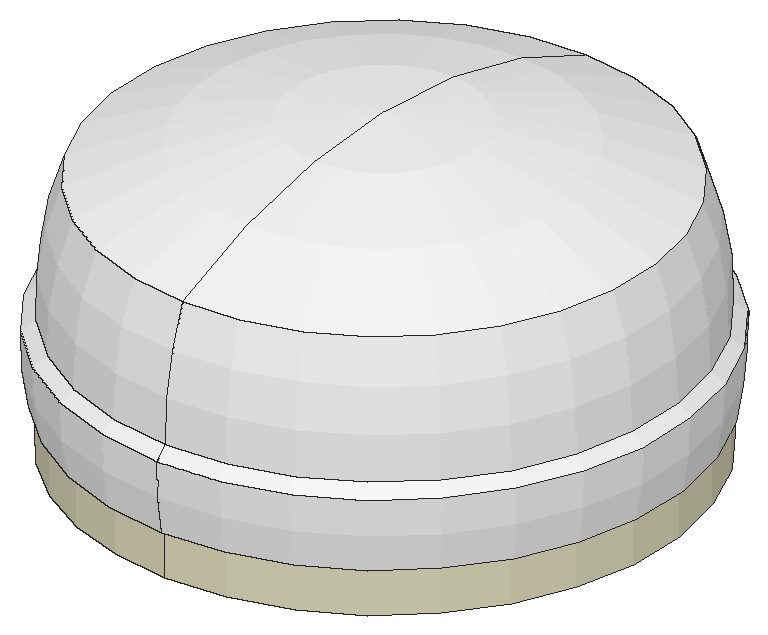
Revit family "Lighting-Terziario-GEWISS-TONDAES-PLAFONIERE_230", category Apparecchi per illuminazione, host Superficie, Revit 2019
Family settings
  Host = Superficie
  Quota connettore circolare = Usa diametro
  Tipo di parte = Normale
  Numero OmniClass = 23.80.70.00
  Titolo OmniClass = Lighting
  Taglio con vuoti quando caricato = No
  Sorgente d'illuminazione = Sì
  Condiviso = No
  Punto di calcolo locali = Sì
Parameters (values of type "GW80652 - Per lampada E27 100W - Grigio RAL 7035 - IP44")
  Wattage = 9.2903 W
  Voltaggio = 230 V
  Versione file RFA = "20.11"
  Variazione temperatura colore lampada con luminosità attenuata = <Nessuno>
  URL = "https://www.gewiss.com/it/it"
  built-in parameter 1150107 = 3200 (stored number, unit not read)
  Visibilità simbolo in pianta [instance] = yes
  Scheda Tecnica = "https://www.gewiss.com/it/it/search?q=GW80652"
  SEO = "Plafoniera"
  Resistenza agli urti = "IK10"
  Default Elevation = 1219.2 mm
  Produttore = "GEWISS S.p.A."
  Potenza lampada max = "100W"
  Potenza lampada = "100W"
  Peso (kg): = "0,4"
  Peso (kg) = "0,4"
  built-in parameter 1150110 = 1 (stored number, unit not read)
  built-in parameter 1150109 = 1 (stored number, unit not read)
  built-in parameter 1114218 = 1 (stored number, unit not read)
  built-in parameter 1150112 = 1 (stored number, unit not read)
  Offset etichetta W [instance] = 140 mm
  Numero di poli = 2
  Modello = "GW80652"
  built-in parameter 1150137 = (empty or 0)
  built-in parameter 1150132 = (empty or 0)
  Materiale = "Policarbonato"
  Lampada = "E27"
  built-in parameter 1150105 = 109.82 (stored number, unit not read)
  built-in parameter 1150102 = (empty or 0)
  Type Image = GW80652.jpg
  built-in parameter 1150106 = 1.0982 (stored number, unit not read)
  IFC.TypeObject = ""
  IFC.ExportType = ""
  IFC.ExportAs = ""
  IDT = "75a1c7d1-ff40-4778-8f1e-a2357dd2b789"
  IDF = "e3c49c87-ac13-4ddd-b0ff-7854a0d0f538"
  Grado di protezione = "IP44"
  Glow Wire Test = "850°C"
  Lumens = 1380 lm
  Color Filter = 16777215
  File diagramma fotometrico = "GW80652-80652385.IES"
  built-in parameter 1114217 = 1 (stored number, unit not read)
  built-in parameter 1150139 = (empty or 0)
  built-in parameter 1150104 = 13.8 (stored number, unit not read)
  ETICHETTA W [instance] = yes
  Distanza_y [instance] = 300 mm
  Distanza_x [instance] = 0 mm
  Distanza_effettiva_y [instance] = 1000 mm - Distanza_y  # 700 mm
  Distanza_effettiva_x [instance] = 1000 mm - Distanza_x  # 1000 mm
  Distanza frontale_y_simbolo [instance] = 60 mm
  built-in parameter 1150115 = 1 (stored number, unit not read)
  built-in parameter 1150114 = 1 (stored number, unit not read)
  built-in parameter 1150113 = 1 (stored number, unit not read)
  Descrizione = "TONDA ES 230 100W E27 IP44 RAL7035"
  Creato da GEWISS S.p.A. = ""
  Commenti sul wattaggio = "100W"
  built-in parameter 1150134 = 3
  built-in parameter 1150138 = (empty or 0)
  Colore = "Grigio RAL 7035"
  Codice Electrocod = "2415"
  Codice EAN = "8011564068810"
  Classe isolamento = "II"
  Classe di efficienza lampade compatibili = "D ÷ A+"
  Classe di efficienza lampada fornita = "D ÷ A+"
  Catalogo Serie = "TONDA ES"
  Catalogo = "LIGHTING"
  Carico apparente = 100 VA
  Visibilità proiettore [instance] = not(Visibilità simbolo in pianta)  # no
  COBie.Tagnumber = ""
  COBie.CreatedOn = ""
  COBie.CreatebBy = ""
  COBie.ComponentRegisterItemID = ""
  COBie.Component.TagNumber = ""
  COBie.Component.Space = ""
  COBie.Component.SerialNumber = ""
  COBie.Component.InstallationDate = ""
  COBie.Component.Description = ""
  COBie.Component.BarCode = ""
  Attacco lampada = "E27"
  Applicazione = "Interno / Esterno"
  Tilt Angle = 0.00°
  built-in parameter 1150133 = 10 (stored number, unit not read)
Reference planes
  plane 1 "Centro (Fronte/Retro)": y = 0
  plane 2: z = 0
  plane 3 "Centro (Sinistra/Destra)": x = 0
  plane 4: z = 120.006
  plane 5: x = -1000
  plane 6: y = -1000
  plane 7: x = 0
  plane 8: y = -300
  plane 9: z = 60
Lines and regions (mm)
  Masking region 1, visible <- "Visibilità proiettore"
    outline origin (0, 0, 138.951) x (0, -1, 0) y (1, 0, 0)
      loop
        circle (0, 0) r 114.951
      loop
        circle (0, 0) r 112.121
  Masking region 2, visible <- "Visibilità proiettore"
    outline origin (0, 0, 138.951) x (0, -1, 0) y (1, 0, 0)
      loop
        circle (0, 0) r 112.121
  Masking region 3, visible <- "Visibilità simbolo in pianta"
    outline origin (0, 0, 0) x (1, 0, 0) y (0, 0, 1)
      loop
        line (-20, 0) -> (20, 0) -> (20, 40) -> (-20, 40) -> (-20, 0)
  Masking region 4, visible <- "Visibilità simbolo in pianta"
    outline origin (0, 0, 0) x (0, 1, 0) y (0, 0, 1)
      loop
        line (-20, 0) -> (20, 0) -> (20, 40) -> (-20, 40) -> (-20, 0)
Dimensions and locks
  plane 5 to plane 3 "Centro (Sinistra/Destra)" = 1000 mm
  plane 1 "Centro (Fronte/Retro)" to plane 6 = 1000 mm
  "Distanza_effettiva_y": plane 8 to plane 6
  "Distanza_effettiva_x": plane 5 to plane 7
  "Distanza frontale_y_simbolo": plane 9 to host face
  aligned and locked: plane 2 to host face
  aligned and locked: level to host face
  aligned and locked: imposter light to plane 4
  aligned and locked: plane 3 "Centro (Sinistra/Destra)" to imposter light
  aligned and locked: nested 2 to plane 8
  aligned and locked: plane 7 to nested 2
  aligned and locked: Masking region 3 to level
  aligned and locked: nested 5 to plane 7
  aligned and locked: plane 4 to nested 5
  aligned and locked: plane 1 "Centro (Fronte/Retro)" to nested 6
  aligned and locked: plane 4 to nested 6
  aligned and locked: plane 2 to Masking region 4 sketch curve
  aligned and locked: nested 3 to host face
  aligned and locked: nested 4 to host face
  aligned and locked: plane 3 "Centro (Sinistra/Destra)" to nested 7
  aligned and locked: plane 1 "Centro (Fronte/Retro)" to nested 7
Automatic sketch dimensions
  host sketch curve to host sketch curve = 2438.4 mm  (x2)
  Masking region 1 sketch curve to Masking region 1 sketch curve = 0 mm  (x2)
  plane 1 "Centro (Fronte/Retro)" to Masking region 1 sketch curve = 0 mm
  Masking region 1 sketch curve to plane 3 "Centro (Sinistra/Destra)" = 0 mm
  plane 1 "Centro (Fronte/Retro)" to Masking region 2 sketch curve = 0 mm
  Masking region 2 sketch curve to plane 3 "Centro (Sinistra/Destra)" = 0 mm
  Masking region 3 sketch curve to level = 0 mm
  Masking region 3 sketch curve to plane 3 "Centro (Sinistra/Destra)" = 20 mm
  plane 3 "Centro (Sinistra/Destra)" to Masking region 3 sketch curve = 20 mm
  Masking region 3 sketch curve to plane 9 = 20 mm
  plane 1 "Centro (Fronte/Retro)" to Masking region 4 sketch curve = 20 mm
  Masking region 4 sketch curve to plane 1 "Centro (Fronte/Retro)" = 20 mm
  Masking region 4 sketch curve to plane 9 = 20 mm
  radius of Masking region 1 sketch curve = 114.951 mm
  radius of Masking region 1 sketch curve = 112.121 mm
  radius of Masking region 2 sketch curve = 112.121 mm
Nested families
  nested 1: "APPILLPARETE" at (0, 0, 138.951) x (1, 0, 0) z (0, 0, -1), visible <- "Visibilità simbolo in pianta", type "SIMBOLO"
  nested 2: "ETICHETTA LIGHT" at (0, -300, 0), visible <- "ETICHETTA W", type "ETICHETTA LIGHT"
  nested 3: "2D - TONDA - FRONTE" at (0, 0, 0) x (1, 0, 0) z (0, -1, 0), visible <- "Visibilità proiettore", type "BIDIMENSIONALE"
  nested 4: "2D - TONDA - FRONTE" at (0, 0, 0) x (0, 1, 0) z (1, 0, 0), visible <- "Visibilità proiettore", type "BIDIMENSIONALE"
  nested 5: "APPILLPARETE" at (0, 0, 120.006) x (-1, 0, 0) z (0, -1, 0), visible <- "Visibilità simbolo in pianta", type "SIMBOLO"
  nested 6: "APPILLPARETE" at (0, 0, 120.006) x (0, -1, 0) z (1, 0, 0), visible <- "Visibilità simbolo in pianta", type "SIMBOLO"
  nested 7: "TONDA ES PLAF_ 230mm" at (0, 0, 0), type "TONDA ES PLAF_ 230mm"
Connectors
  electrical at (0, 0, 16.945), driven by "Numero di poli", driven by "Carico apparente"
    settings: on nested 7, index 1, voltage 230 V, apparent load 0 VA, apparent load phase1 100 VA, apparent load phase2 0 VA, apparent load phase3 0 VA, power factor 1, load classification "Illuminazione", number of poles 2, system type 31, power factor state 1, is connector primary yes, connector utility no, sub classification motor no, connector description ""
Definition of nested family "TONDA ES PLAF_ 230mm"
  Parameters (values of type "TONDA ES PLAF_ 230mm")
    Vetro = none
    Struttura = none
    Default Elevation = 1219.2 mm
    IFC.TypeObject = ""
    IFC.ExportType = ""
    IFC.ExportAs = ""
    COBie.CreatedOn = ""
    COBie.CreatebBy = ""
    COBie.ComponentRegisterItemID = ""
    COBie.Component.TagNumber = ""
    COBie.Component.Space = ""
    COBie.Component.SerialNumber = ""
    COBie.Component.InstallationDate = ""
    COBie.Component.Description = ""
    COBie.Component.BarCode = ""
  Reference planes
    plane 1 "Centro (Fronte/Retro)": y = 0
    plane 2: z = 0
    plane 3 "Centro (Sinistra/Destra)": x = 0
    plane 4: through (4267.2, -262.905, 13.583) normal (0, -0.0021, 1)
    plane 5: z = 151.401
  Forms (mm)
    Revolve 1, solid, material <- "Struttura"
      sketch origin (0, 0, 120.006) x (0, 1, 0) y (0, 0, -1)
        loop
          arc (-101.899, 24.174) -> (-52.363, 6.126) -> (0, 0) r 226.854
          line (0, 0) -> (0, 102.952) -> (-112.121, 102.952)
          arc (-112.121, 102.952) -> (-114.396, 89.578) -> (-114.951, 76.023) r 106.484
          line (-114.951, 76.023) -> (-110.142, 72.042)
          arc (-110.142, 72.042) -> (-108.549, 47.672) -> (-101.899, 24.174) r 116.215
        axis (0, 102.952) -> (0, 0)
      angle from 0 to 360
    Revolve 2, solid, material <- "Vetro"
      sketch origin (0, 0, 120.006) x (0, 1, 0) y (0, 0, -1)
        loop
          line (-110.697, 120.006) -> (-110.697, 103.061) -> (0, 103.061) -> (0, 120.006) -> (-110.697, 120.006)
        axis (0, 120.006) -> (0, 103.061)
      angle from 0 to 360
    Revolve 3, solid, material <- "Struttura", not visible
      sketch origin (0, 0, 120.006) x (0, 1, 0) y (0, 0, -1)
        loop
          arc (-101.899, 24.174) -> (-52.363, 6.126) -> (0, 0) r 226.854
          line (0, 0) -> (0, 102.952) -> (-112.121, 102.952)
          arc (-112.121, 102.952) -> (-114.396, 89.578) -> (-114.951, 76.023) r 106.484
          line (-114.951, 76.023) -> (-110.142, 72.042)
          arc (-110.142, 72.042) -> (-108.549, 47.672) -> (-101.899, 24.174) r 116.215
        axis (0, 102.952) -> (0, 0)
      angle from 0 to 360
    Revolve 4, solid, material <- "Vetro", not visible
      sketch origin (0, 0, 120.006) x (0, 1, 0) y (0, 0, -1)
        loop
          line (-110.697, 120.006) -> (-110.697, 103.061) -> (0, 103.061) -> (0, 120.006) -> (-110.697, 120.006)
        axis (0, 120.006) -> (0, 103.061)
      angle from 0 to 360
  Dimensions and locks
    aligned and locked: level to plane 2
    aligned and locked: level to Revolve 2
Definition of nested family "APPILLPARETE"
  Reference planes
    plane 1 "Centro (Fronte/Retro)": y = 0
    plane 2: z = 0
    plane 3 "Centro (Sinistra/Destra)": x = 0
  Lines and regions (mm)
    detail lines, in view "Livello rif.", not visible
      curve 1: line (-434.732, 414.799, 0) -> (395.268, 414.799, 0)
      curve 2: line (395.268, 414.799, 0) -> (395.268, -415.201, 0)
      curve 3: line (395.268, -415.201, 0) -> (-434.732, -415.201, 0)
      curve 4: line (-434.732, -415.201, 0) -> (-434.732, 414.799, 0)
      curve 5: line (58.526, -74.015, 0) -> (-93.638, 1.741, 0)
      curve 6: line (-93.638, 1.741, 0) -> (58.526, 78.409, 0)
      curve 7: line (58.526, 78.409, 0) -> (58.526, -74.015, 0)
      curve 8: line (-93.638, 77.953, 0) -> (-93.638, -74.47, 0)
      curve 9: line (-186.527, 1.741, 0) -> (-93.638, 1.741, 0)
      curve 10: line (58.526, 2.197, 0) -> (158.12, 2.197, 0)
      curve 11: line (282.211, 301.741, 0) -> (282.211, -298.259, 0)
      curve 12: line (282.211, -298.259, 0) -> (-317.789, -298.259, 0)
      curve 13: line (-317.789, -298.259, 0) -> (-317.789, 301.741, 0)
      curve 14: line (-317.789, 301.741, 0) -> (282.211, 301.741, 0)
      curve 15: line (-242.656, 1.741, 0) -> (-242.656, 226.608, 0)
      curve 16: line (-242.656, 226.608, 0) -> (207.077, 226.608, 0)
      curve 17: line (207.077, 226.608, 0) -> (207.077, -223.125, 0)
      curve 18: line (207.077, -223.125, 0) -> (-242.656, -223.125, 0)
      curve 19: line (-242.656, -223.125, 0) -> (-242.656, 1.741, 0)
      curve 20: line (-19.732, -725.201, 0) -> (-19.732, 464.799, 0)
      curve 21: line (-754.732, 0, 0) -> (625.268, 0, 0)
    detail lines, in view "Livello rif."
      curve 22: arc (130.771, -55.405, 0) -> (0, 55.576, 0) -> (-130.771, -55.405, 0) r 132.535
      curve 23: circle (0.205, 0.085, 0) r 55.49 normal (0, 0, 1)
      curve 24: line (130.771, -55.405, 0) -> (-130.771, -55.405, 0)
      curve 25: line (-39.238, 39.238, 0) -> (39.238, -39.238, 0)
      curve 26: line (39.238, 39.238, 0) -> (-39.238, -39.238, 0)
Definition of nested family "ETICHETTA LIGHT"
  Parameters (values of type "ETICHETTA LIGHT")
    COMMENTI = ""
  Reference planes
    plane 1: y = 0
    plane 2: x = 0
  Text (mm)
    label "COMMENTI" at (-0.057, 0.105, 0), shows "COMMENTI"
Definition of nested family "2D - TONDA - FRONTE"
  Reference planes
    plane 1 "Centro (Fronte/Retro)": y = 0
    plane 2: z = 0
    plane 3 "Centro (Sinistra/Destra)": x = 0
  Lines and regions (mm)
    Masking region 1, in view "Livello rif."
      outline origin (-291.485, -383.351, 0) x (1, 0, 0) y (0, 1, 0)
        loop
          line (203.058, 485.474) -> (202.229, 483.344) -> (199.173, 481.769) -> (196.392, 482.605) -> (190.191, 479.637)
          arc (190.191, 479.637) -> (189.63, 479.22) -> (189.266, 478.623) r 1.829
          arc (189.266, 478.623) -> (183.109, 455.694) -> (181.291, 432.022) r 128.075
          line (181.291, 432.022) -> (176.488, 427.332) -> (176.488, 383.351) -> (406.482, 383.351) -> (406.482, 427.332) -> (401.679, 432.022)
          arc (401.679, 432.022) -> (399.86, 455.694) -> (393.704, 478.623) r 128.075
          arc (393.704, 478.623) -> (393.34, 479.22) -> (392.778, 479.637) r 1.829
          line (392.778, 479.637) -> (386.578, 482.605) -> (383.796, 481.769) -> (380.74, 483.344) -> (379.985, 485.284)
          arc (379.985, 485.284) -> (291.541, 503.294) -> (203.058, 485.474) r 227.37
    detail lines, in view "Livello rif."
      curve 1: line (114.991, 43.981, 0) -> (-114.997, 43.981, 0)
      curve 2: line (114.9, 37.225, 0) -> (114.991, 43.981, 0)
      curve 3: line (111.011, 47.961, 0) -> (-110.921, 47.961, 0)
      curve 4: line (-114.997, 43.981, 0) -> (-114.812, 37.225, 0)
      curve 5: line (88.582, 101.939, 0) -> (0, 101.939, 0)
      curve 6: line (0, 101.939, 0) -> (-88.498, 101.939, 0)
